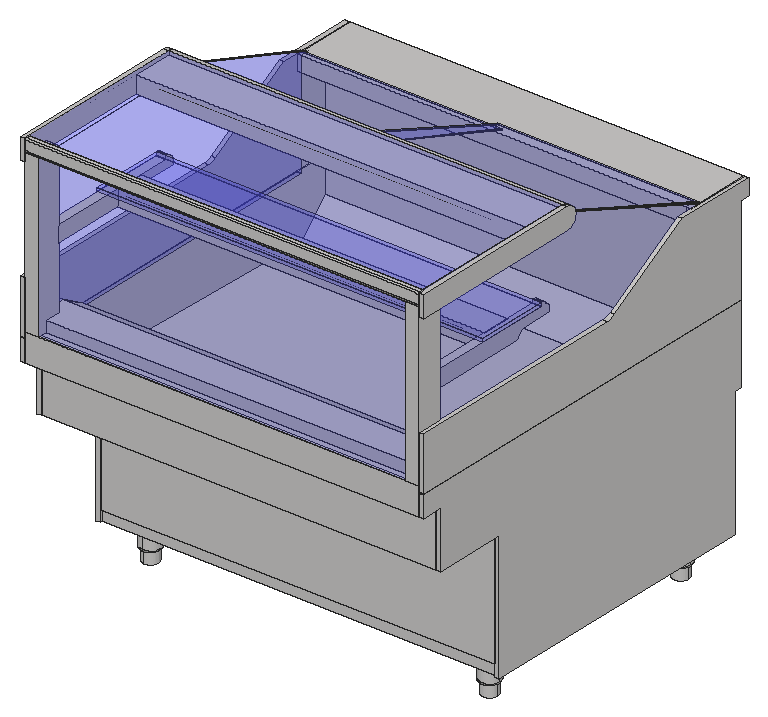
Revit family "Food-Service-Equipment_Oscartek_Dc1110-46H_cat", category Specialty Equipment, Revit 2026
Family settings
  Round Connector Dimension = Use Diameter
  Part Type = Normal
  Classification Number = 23.40.40.11.17
  Work Plane-Based = No
  Enable Cutting in Views = No
  Always vertical = Yes
  Cut with Voids When Loaded = No
  Maintain Annotation Orientation = No
  Shared = No
  Room Calculation Point = No
Parameters
  Width = 44"  # constant formula
  Weight in Pounds = 650
  Watts = 1085 W
  Waste Water Discharge Temperature [instance] = -459.67 °F
  Volts = 230 V
  URL Cutsheet = "www.oscartek.com"
  URL = "www.oscartek.com"
  Type Mark [instance] = ""
  Type Comments = "As Specified"
  Test Data = "http://www.oscartek.com/company/clients.php"
  Status [instance] = ""
  Specification by User [instance] = ""
  Specification by Manufacturer = ""
  Specification = "https://www.arcat.com/arcatcos/cos48/arc48760.html"
  Show Clearance [instance] = yes
  Serial Number = ""
  Seismic Rating = ""
  Sales Information = "http://www.oscartek.com/company/contact.php"
  SMACNA No = ""
  Revision Code [instance] = ""
  Revision = "R1_2018-10"
  Refrigerant Type [instance] = "R404A"
  Product Data = "http://www.oscartek.com/support/manuals/"
  Plumbing Remarks [instance] = ""
  Plumbing Connection Type [instance] = ""
  Phase = 1
  Omniclass Number and Title = ""
  Number of Poles [instance] = 1
  NAFEM Spec ID Number = ""
  Model = "DC1110-46H"
  Min Ckt Ampacity = 0 A
  Max Overcurrent Protection = 0 A
  Masterspec = ""
  Manufacturer Website = "http://www.oscartek.com/index.php"
  Manufacturer Phone - Toll Free = "855-885-2400"
  Manufacturer Phone = "650-342-2400"
  Manufacturer Fax = "650-342-7400"
  Manufacturer Address = "361 Beach Rd., Burlingame, CA 94010"
  Manufacturer = "OSCARTEK"
  Light Length = Width - 4"  # 40"
  Item Number [instance] = ""
  Installed By [instance] = ""
  Installation-Fabrication = "http://www.oscartek.com/support/manuals/"
  Indirect Waste Size = 1"  # constant formula
  Indirect Waste Flow [instance] = 0 GPM
  Indirect Waste Connection Type [instance] = ""
  Indirect Waste Connection Height = 0"
  Identify Quantity as Lot [instance] = yes
  HP = ""
  Green Building-LEED = "https://www.arcat.com/green/green_building.shtml"
  Furnished By [instance] = ""
  Foodservice Equipment Identifier [instance] = yes
  FL Amps = 8.2 A
  Electrical Remarks [instance] = ""
  Electric Connection Type [instance] = ""
  Elec Conn RI Height [instance] = 0"
  Elec Conn Connection Height [instance] = 0"
  Drawn By = "Sumex Design, Inc. / Robert S. Weygant, CSI, CDT, SCIP"
  Description = "DIAMOND CHOCOLATE SHOWCASES"
  Default Elevation = 0"
  Cycle = 50 Hz
  Copyright = "©Arcat Inc."
  Construction Details = "http://www.oscartek.com/support/manuals/"
  Conn Plug = ""
  Conn Conduit = yes
  Category = ""
  CSI MasterFormat = "11 41 13"
  CSI Master Format = "Refrigerated Food Storage Cases"
  Building Codes = "https://www.arcat.com/arcatcos/cos48/arc48760.html"
  Body Finish [instance] = QF_Finishes_Stainless Steel
  Apparent Power = if(Phase = 3, Volts * FL Amps * 1.73, Volts * FL Amps)  # 1886 VA
Reference planes (in)
  plane 1 "BACK": y = 0
  plane 2: z = 0
  plane 3 "LEFT": x = 0
  plane 4 "RIGHT": x = 44
  plane 5 "FRONT": y = -44.25
  plane 6 "TOP": z = 46
  plane 7 "Center Y": x = 22
  plane 8 "Center X": y = -22.125
  plane 9 "base": z = 17.92856
  plane 10: x = 1
  plane 11: x = 43
Forms (in)
  Extrusion 1, solid, material "QF_Finishes_Stainless Steel" <- "Body Finish"
    sketch origin (0, -44.25, 0) x (0, -1, 0) y (0, 0, -1)
      loop
        line (-2.31297, -17.92856) -> (-10.28174, -17.92856) -> (-10.28174, -5.22229) -> (-10.53174, -5.22229) -> (-10.53174, -3.97229) -> (-16.20099, -3.97229) -> (-16.20099, -5.22229) -> (-36.65227, -5.22229) -> (-36.65227, -3.97229) -> (-42.24423, -3.97229) -> (-42.24423, -5.22229) -> (-42.36829, -5.22229) -> (-42.36829, -17.92856) -> (-43.23446, -17.92856) -> (-43.23446, -36.17971) -> (-44.25, -36.17971) -> (-44.25, -37.95445) -> (-37.12476, -37.95445) -> (-37.12476, -36.28911) -> (-40.26039, -36.28911) -> (-40.8759, -35.6736) -> (-40.8759, -22.59092) -> (-37.69392, -19.40894) -> (-7.45443, -20.20633) -> (-7.45443, -26.70633) -> (-4.63984, -28.33133) -> (-0.97833, -28.33133) -> (-0.97833, -27.10344) -> (0, -27.10344) -> (0, -24.10344) -> (-2.31297, -24.10344) -> (-2.31297, -17.92856)
      loop
        line (-0.5528, -44.60986) -> (-0.5528, -46) -> (-0.12856, -46)
        arc (-0.12856, -46) -> (-0.03766, -45.96234) -> (0, -45.87143) r 0.12856
        line (0, -45.87143) -> (0, -44.78387)
        arc (0, -44.78387) -> (-0.05096, -44.66083) -> (-0.174, -44.60986) r 0.174
        line (-0.174, -44.60986) -> (-0.5528, -44.60986)
      loop
        line (-19.5564, -46) -> (-19.5564, -45.59411) -> (-15.11183, -45.59411) -> (-15.11183, -43.67954) -> (-15.61183, -43.67954) -> (-15.61183, -44.92954) -> (-18.0564, -44.92954) -> (-18.0564, -43.67954) -> (-19.5564, -43.67954)
        arc (-19.5564, -43.67954) -> (-20.71663, -44.83977) -> (-19.5564, -46) r 1.16023
    from 0.5 to 43.5
  Extrusion 2, solid, material "QF_Finishes_Stainless Steel" <- "Body Finish"
    sketch origin (0, -44.25, 0) x (0, -1, 0) y (0, 0, -1)
      loop
        line (-2.31297, -17.92856) -> (-10.28174, -17.92856) -> (-10.28174, -3.97229) -> (-42.36829, -3.97229) -> (-42.36829, -17.92856) -> (-43.23446, -17.92856) -> (-43.23446, -26.40315) -> (0, -26.40315) -> (0, -24.10344) -> (-2.31297, -24.10344) -> (-2.31297, -17.92856)
      loop
        line (-35.31011, -37.95445) -> (-26.08517, -32.62843)
        arc (-26.08517, -32.62843) -> (-25.6104, -32.43178) -> (-25.10092, -32.3647) r 1.9685
        line (-25.10092, -32.3647) -> (0, -32.3647) -> (0, -26.52815) -> (-43.22627, -26.52815) -> (-43.22627, -36.17971) -> (-44.25, -36.17971) -> (-44.25, -37.95445) -> (-35.31011, -37.95445)
    from 0 to 0.5
  Extrusion 3, solid, material "QF_Finishes_Stainless Steel" <- "Body Finish"
    sketch origin (0, -44.25, 0) x (0, -1, 0) y (0, 0, -1)
      loop
        line (0, -27.10344) -> (-2.74998, -27.10344) -> (-2.74998, -44.60986) -> (0, -44.60986) -> (0, -27.10344)
    from 0.5 to 2
  Extrusion 4, solid, material "QF_Finishes_Stainless Steel" <- "Body Finish"
    sketch origin (0, -44.25, 0) x (0, -1, 0) y (0, 0, -1)
      loop
        line (0, -46) -> (0, -43.67954) -> (-19.5564, -43.67954)
        arc (-19.5564, -43.67954) -> (-20.71663, -44.83977) -> (-19.5564, -46) r 1.16023
        line (-19.5564, -46) -> (0, -46)
    from 0 to 0.5
  Extrusion 5, solid, material "QF_Finishes_Stainless Steel" <- "Body Finish"
    sketch origin (44, 0, 0) x (0, 1, 0) y (0, 0, 1)
      loop
        line (-44.25, 46) -> (-44.25, 43.67954) -> (-24.6936, 43.67954)
        arc (-24.6936, 43.67954) -> (-23.53337, 44.83977) -> (-24.6936, 46) r 1.16023
        line (-24.6936, 46) -> (-44.25, 46)
    from 0 to -0.5
  Extrusion 6, solid, material "QF_Finishes_Stainless Steel" <- "Body Finish"
    sketch origin (44, -44.25, 0) x (0, -1, 0) y (0, 0, -1)
      loop
        line (0, -27.10344) -> (-2.74998, -27.10344) -> (-2.74998, -44.60986) -> (0, -44.60986) -> (0, -27.10344)
    from -0.5 to -2
  Extrusion 7, solid, material "Glass"
    sketch origin (0, -44.25, 0) x (1, 0, 0) y (0, 1, 0)
      loop
        line (2, 0) -> (42, 0) -> (42, 0.2764) -> (2, 0.2764) -> (2, 0)
    from 27.10344 to 44.60986
  Extrusion 8, solid, material "QF_Finishes_Stainless Steel" <- "Body Finish"
    sketch origin (44, 0, 0) x (0, 1, 0) y (0, 0, 1)
      loop
        line (-41.93703, 17.92856) -> (-33.96826, 17.92856) -> (-33.96826, 3.97229) -> (-1.88171, 3.97229) -> (-1.88171, 17.92856) -> (-1.01554, 17.92856) -> (-1.01554, 26.40315) -> (-44.25, 26.40315) -> (-44.25, 24.10344) -> (-41.93703, 24.10344) -> (-41.93703, 17.92856)
      loop
        line (-8.93989, 37.95445) -> (-18.16483, 32.62843)
        arc (-18.16483, 32.62843) -> (-18.6396, 32.43178) -> (-19.14908, 32.3647) r 1.9685
        line (-19.14908, 32.3647) -> (-44.25, 32.3647) -> (-44.25, 26.52815) -> (-1.02373, 26.52815) -> (-1.02373, 36.17971) -> (0, 36.17971) -> (0, 37.95445) -> (-8.93989, 37.95445)
    from 0 to -0.5
  Revolve 9, solid, material "QF_Finishes_Stainless Steel"
    sketch origin (3.5, -44.25, 0) x (0, -1, 0) y (0, 0, -1)
      loop
        line (-13.37229, 0) -> (-13.37229, -3.97229) -> (-12.18681, -3.97229) -> (-12.18681, -3.77531) -> (-12.27584, -3.77531) -> (-12.27584, -1.45503)
        arc (-12.27584, -1.45503) -> (-12.32001, -1.34838) -> (-12.42666, -1.30421) r 0.15082
        line (-12.42666, -1.30421) -> (-12.50615, -1.30421) -> (-12.50615, 0) -> (-13.37229, 0)
      axis (-13.37229, -3.97229) -> (-13.37229, 0)
    angle from 0 to 360
  Revolve 10, solid, material "QF_Finishes_Stainless Steel"
    sketch origin (3.5, -18.18706, 0) x (0, -1, 0) y (0, 0, -1)
      loop
        line (-13.37229, 0) -> (-13.37229, -3.97229) -> (-12.18681, -3.97229) -> (-12.18681, -3.77531) -> (-12.27584, -3.77531) -> (-12.27584, -1.45503)
        arc (-12.27584, -1.45503) -> (-12.32001, -1.34838) -> (-12.42666, -1.30421) r 0.15082
        line (-12.42666, -1.30421) -> (-12.50615, -1.30421) -> (-12.50615, 0) -> (-13.37229, 0)
      axis (-13.37229, -3.97229) -> (-13.37229, 0)
    angle from 0 to 360
  Revolve 11, solid, material "QF_Finishes_Stainless Steel"
    sketch origin (53.87229, -30.87771, 0) x (1, 0, 0) y (0, 0, 1)
      loop
        line (-13.37229, 0) -> (-12.50615, 0) -> (-12.50615, 1.30421) -> (-12.42666, 1.30421)
        arc (-12.42666, 1.30421) -> (-12.32001, 1.34838) -> (-12.27584, 1.45503) r 0.15082
        line (-12.27584, 1.45503) -> (-12.27584, 3.77531) -> (-12.18681, 3.77531) -> (-12.18681, 3.97229) -> (-13.37229, 3.97229) -> (-13.37229, 0)
      axis (-13.37229, 3.97229) -> (-13.37229, 0)
    angle from 0 to 360
  Revolve 12, solid, material "QF_Finishes_Stainless Steel"
    sketch origin (53.87229, -4.81477, 0) x (1, 0, 0) y (0, 0, 1)
      loop
        line (-13.37229, 0) -> (-12.50615, 0) -> (-12.50615, 1.30421) -> (-12.42666, 1.30421)
        arc (-12.42666, 1.30421) -> (-12.32001, 1.34838) -> (-12.27584, 1.45503) r 0.15082
        line (-12.27584, 1.45503) -> (-12.27584, 3.77531) -> (-12.18681, 3.77531) -> (-12.18681, 3.97229) -> (-13.37229, 3.97229) -> (-13.37229, 0)
      axis (-13.37229, 3.97229) -> (-13.37229, 0)
    angle from 0 to 360
  Extrusion 13, solid, material "Glass"
    sketch origin (0, -44.25, 0) x (0, -1, 0) y (0, 0, -1)
      loop
        line (-0.5528, -46) -> (-0.5528, -45.59411) -> (-19.5564, -45.59411) -> (-19.5564, -46) -> (-0.5528, -46)
    from 0.5 to 43.5
  Extrusion 14, solid, material "QF_Finishes_Black"
    sketch origin (0, -1.88171, 5.22229) x (0, 0, 1) y (1, 0, 0)
      loop
        line (11.08103, 37.21488) -> (1.08103, 37.21488) -> (1.08103, 35.71488) -> (11.08103, 35.71488) -> (11.08103, 37.21488)
      loop
        line (11.08103, 35.46488) -> (1.08103, 35.46488) -> (1.08103, 33.96488) -> (11.08103, 33.96488) -> (11.08103, 35.46488)
      loop
        line (11.08103, 33.71488) -> (1.08103, 33.71488) -> (1.08103, 32.21488) -> (11.08103, 32.21488) -> (11.08103, 33.71488)
      loop
        line (11.08103, 31.96488) -> (1.08103, 31.96488) -> (1.08103, 30.46488) -> (11.08103, 30.46488) -> (11.08103, 31.96488)
      loop
        line (11.08103, 30.21488) -> (1.08103, 30.21488) -> (1.08103, 28.71488) -> (11.08103, 28.71488) -> (11.08103, 30.21488)
      loop
        line (11.08103, 28.46488) -> (1.08103, 28.46488) -> (1.08103, 26.96488) -> (11.08103, 26.96488) -> (11.08103, 28.46488)
    from 0 to 0.03125
  Extrusion 15, solid, material "QF_Finishes_Door Clearance", visible <- "Show Clearance", detail levels coarse
    sketch origin (0, -44.25, 0) x (0, -1, 0) y (0, 0, -1)
      loop
        line (17.50642, -27.10344) -> (0, -27.10344) -> (0, -44.60986)
        arc (0, -44.60986) -> (12.37891, -39.48235) -> (17.50642, -27.10344) r 17.50642
    from 0.5 to 43.5
  Extrusion 16, solid, material "QF_Finishes_Stainless Steel"
    sketch origin (0, -44.25, 17.92856) x (-1, 0, 0) y (0, -1, 0)
      loop
        circle (-5.75, -36.79348) r 0.5
      loop
        circle (-38.25, -36.79348) r 0.5
    from 0 to -1
  Extrusion 17, solid, material "QF_Finishes_Stainless Steel" <- "Body Finish"
    sketch origin (0, -44.25, 0) x (0, -1, 0) y (0, 0, -1)
      loop
        line (-2.74998, -35.08466) -> (-13.82063, -35.08466)
        arc (-13.82063, -35.08466) -> (-13.97129, -35.11463) -> (-14.09902, -35.19998) r 0.3937
        line (-14.09902, -35.19998) -> (-14.65579, -35.75675)
        arc (-14.65579, -35.75675) -> (-14.78352, -35.8421) -> (-14.93418, -35.87206) r 0.3937
        line (-14.93418, -35.87206) -> (-18.35113, -35.87206)
        arc (-18.35113, -35.87206) -> (-18.18116, -36.72072) -> (-17.49636, -37.25001) r 1.23649
        line (-17.49636, -37.25001) -> (-17.3307, -37.25001) -> (-17.3307, -36.85631) -> (-2.74998, -36.85631) -> (-2.74998, -35.08466)
    from 1 to 2
  Extrusion 18, solid, material "QF_Finishes_Stainless Steel" <- "Body Finish"
    sketch origin (43, -180, 44.05288) x (0, 0, -1) y (0, 1, 0)
      loop
        line (8.96822, 138.49998) -> (8.96822, 149.57063)
        arc (8.96822, 149.57063) -> (8.93825, 149.72129) -> (8.85291, 149.84902) r 0.3937
        line (8.85291, 149.84902) -> (8.29613, 150.40579)
        arc (8.29613, 150.40579) -> (8.21079, 150.53352) -> (8.18082, 150.68418) r 0.3937
        line (8.18082, 150.68418) -> (8.18082, 154.10113)
        arc (8.18082, 154.10113) -> (7.33217, 153.93116) -> (6.80287, 153.24636) r 1.23649
        line (6.80287, 153.24636) -> (6.80287, 153.0807) -> (7.19657, 153.0807) -> (7.19657, 138.49998) -> (8.96822, 138.49998)
    from 0 to -1
  Extrusion 19, solid, material "Glass"
    sketch origin (0, -44.25, 0) x (0, -1, 0) y (0, 0, -1)
      loop
        line (-9.24016, -37.25001) -> (-9.24016, -36.85631) -> (-17.31101, -36.85631) -> (-17.31101, -37.25001) -> (-9.24016, -37.25001)
    from 1 to 43
  Extrusion 20, solid, material "QF_Finishes_Stainless Steel" <- "Body Finish"
    sketch origin (0, -44.25, 0) x (0, -1, 0) y (0, 0, -1)
      loop
        line (-13.91788, -36.85631) -> (-10.80814, -36.85631) -> (-10.80814, -35.08466) -> (-10.93314, -35.08466) -> (-10.93314, -36.73131) -> (-13.79288, -36.73131) -> (-13.79288, -35.08466) -> (-13.91788, -35.08466) -> (-13.91788, -36.85631)
    from 2 to 42
  Extrusion 21, solid, material "QF_Finishes_Stainless Steel"
    sketch origin (-3.58988, -1.88171, 5.22229) x (0, 0, 1) y (-1, 0, 0)
      loop
        line (12.70627, -20.3562) -> (11.20627, -20.3562) -> (11.20627, -26.3562) -> (12.70627, -26.3562) -> (12.70627, -20.3562)
    from 0 to -1
  Extrusion 22, solid, material "Glass"
    sketch origin (44, -44.25, 0) x (0, -1, 0) y (0, 0, 1)
      loop
        line (-20.70992, 44.96435) -> (-38.26035, 38.10722) -> (-38.20304, 37.96053) -> (-20.71601, 44.80186)
        arc (-20.71601, 44.80186) -> (-20.71582, 44.88321) -> (-20.70992, 44.96435) r 1.16023
    from 0.5 to 22.5
  Extrusion 23, solid, material "Glass"
    sketch origin (0, -44.25, 0) x (0, -1, 0) y (0, 0, 1)
      loop
        line (-2.74998, 43.67954) -> (-19.5564, 43.67954)
        arc (-19.5564, 43.67954) -> (-20.14761, 43.84147) -> (-20.5738, 44.28206) r 1.16023
        line (-20.5738, 44.28206) -> (-38.07788, 37.95445) -> (-37.12476, 37.95445) -> (-37.12476, 26.42856) -> (-7.45443, 26.42856) -> (-7.45443, 26.70633) -> (-4.63984, 28.33133) -> (-2.74998, 28.33133) -> (-2.74998, 43.67954)
    from -0.5 to -1
  Extrusion 24, solid, material "Glass"
    sketch origin (0, -44.25, 0) x (0, -1, 0) y (0, 0, 1)
      loop
        line (-20.5738, 44.28206) -> (-37.65129, 38.10866) -> (-37.59776, 37.96056) -> (-20.48648, 44.14617)
        arc (-20.48648, 44.14617) -> (-20.53251, 44.2126) -> (-20.5738, 44.28206) r 1.16023
    from -0.5 to -22.5
  Extrusion 25, solid, material "Glass"
    sketch origin (43, -180, 44.05288) x (0, 0, -1) y (0, 1, 0)
      loop
        line (0.37334, 138.49998) -> (15.72156, 138.49998) -> (15.72156, 140.38984) -> (17.34656, 143.20443) -> (17.62432, 143.20443) -> (17.62432, 172.87476) -> (6.09843, 172.87476) -> (6.09843, 173.96858) -> (-0.74897, 156.46601)
        arc (-0.74897, 156.46601) -> (0.04682, 156.11329) -> (0.37334, 155.3064) r 1.16023
        line (0.37334, 155.3064) -> (0.37334, 138.49998)
    from 0.5 to 0
Lines and regions (in)
  Split face 1
    outline origin (-3.58988, -0.88171, 5.22229) x (0, 0, 1) y (-1, 0, 0)
      loop
        line (12.34422, -21.51577) -> (11.59422, -21.51577) -> (11.59422, -25.51577) -> (12.34422, -25.51577) -> (12.34422, -21.51577)
  symbolic lines
    curve 1: line (0, -44.25, 0) -> (44, -44.25, 0)
    curve 2: line (0, 0, 0) -> (0, -44.25, 0)
    curve 3: line (44, -44.25, 0) -> (44, 0, 0)
    curve 4: line (43.5, 0, 0) -> (43.5, -44.25, 0)
    curve 5: line (0.5, -44.25, 0) -> (0.5, 0, 0)
    curve 6: line (0.5, -6.59871, 0) -> (21.5, -6.59871, 0)
    curve 7: line (21.5, -5.98965, 0) -> (21.5, -23.53337, 0)
    curve 8: line (21.5, -5.98965, 0) -> (43.5, -5.98965, 0)
    curve 9: line (0, -23.53337, 0) -> (44, -23.53337, 0)
    curve 10: line (0.5, -24.7561, 0) -> (43.5, -24.7561, 0)
    curve 11: line (0.5, -43.6537, 0) -> (43.5, -43.6537, 0)
    curve 12: line (0, 0, 0) -> (44, 0, 0)
  symbolic lines, style "QF-Door Swings"
    curve 13: line (43.5, -61.87838, 0) -> (0.5, -61.87838, 0)
    curve 14: line (0.5, -61.87838, 0) -> (0.5, -44.25, 0)
    curve 15: line (43.5, -44.25, 0) -> (43.5, -61.87838, 0)
  symbolic lines, style "QF-Surface Details"
    curve 16: line (8.98362, -16.5042, 0) -> (12.1656, -13.32221, 0)
    curve 17: line (8.65315, -17.94487, 0) -> (13.6029, -12.99513, 0)
    curve 18: line (10.24583, -17.76641, 0) -> (13.60459, -14.40765, 0)
    curve 19: line (30.73362, -16.5042, 0) -> (33.9156, -13.32221, 0)
    curve 20: line (30.40315, -17.94487, 0) -> (35.3529, -12.99513, 0)
    curve 21: line (31.99583, -17.76641, 0) -> (35.35459, -14.40765, 0)
    curve 22: line (8.98362, -34.5042, 0) -> (12.1656, -31.32221, 0)
    curve 23: line (8.65315, -35.94487, 0) -> (13.6029, -30.99513, 0)
    curve 24: line (10.24583, -35.76641, 0) -> (13.60459, -32.40765, 0)
    curve 25: line (30.73362, -34.5042, 0) -> (33.9156, -31.32221, 0)
    curve 26: line (30.40315, -35.94487, 0) -> (35.3529, -30.99513, 0)
    curve 27: line (31.99583, -35.76641, 0) -> (35.35459, -32.40765, 0)
    curve 28: line (20.6853, -34.5042, 0) -> (23.86728, -31.32221, 0)
    curve 29: line (20.35483, -35.94487, 0) -> (25.30458, -30.99513, 0)
    curve 30: line (21.94751, -35.76641, 0) -> (25.30627, -32.40765, 0)
Dimensions and locks (in)
  equal spacing: plane 3 "LEFT", plane 7 "Center Y", plane 4 "RIGHT"
  "Width": plane 3 "LEFT" to plane 4 "RIGHT"
  equal spacing: plane 5 "FRONT", plane 8 "Center X", plane 1 "BACK"
  plane 5 "FRONT" to plane 1 "BACK" = 44 1/4"
  Extrusion 21 sketch curve to Extrusion 21 sketch curve to plane 4 "RIGHT" = 6" locked, 21.23369" locked
  locked: plane 3 "LEFT" to plane 10 at 1
  locked: plane 4 "RIGHT" to plane 11 at 1
  plane 4 "RIGHT" to Extrusion 6 to Extrusion 6 = 1/2" locked, 1 1/2" locked
  Extrusion 3 to Extrusion 3 to plane 3 "LEFT" = 1 1/2" locked, 1/2" locked
  Extrusion 22 to plane 7 "Center Y" to Extrusion 24 = 1/2" locked, 1/2" locked
  plane 6 "TOP" to level = 46"
  aligned and locked: level to plane 2
  aligned and locked: Extrusion 15 to Extrusion 6
  aligned and locked: Extrusion 6 to Extrusion 22
  aligned and locked: Extrusion 1 to Extrusion 6
  aligned and locked: plane 11 to Extrusion 19
  aligned and locked: Extrusion 6 to Extrusion 13
  aligned and locked: nested 1 to plane 7 "Center Y"
  aligned and locked: nested 2 to plane 7 "Center Y"
  aligned and locked: Extrusion 20 to Extrusion 6
Automatic sketch dimensions
  Extrusion 1 sketch curve to plane 9 "base" = 0"  (x2)
  plane 1 "BACK" to Extrusion 1 sketch curve = 0"
  Extrusion 1 sketch curve to Extrusion 1 sketch curve = 1.01554"
  Extrusion 1 sketch curve to Extrusion 1 sketch curve = 0.86617"
  Extrusion 1 sketch curve to Extrusion 1 sketch curve = 0.12406"
  plane 1 "BACK" to Extrusion 1 sketch curve = 3.3741"
  Extrusion 1 sketch curve to Extrusion 1 sketch curve = 0.6155"  (x2)
  plane 9 "base" to Extrusion 1 sketch curve = 1.48038"
  Extrusion 1 sketch curve to Extrusion 1 sketch curve = 3.18198"  (x2)
  Extrusion 1 sketch curve to Extrusion 1 sketch curve = 3.13563"
  Extrusion 1 sketch curve to Extrusion 1 sketch curve = 5.59196"
  Extrusion 1 sketch curve to plane 8 "Center X" = 2.5686"
  Extrusion 1 sketch curve to Extrusion 1 sketch curve = 1 1/2"
  Extrusion 1 sketch curve to plane 8 "Center X" = 5.92401"
  Extrusion 1 sketch curve to Extrusion 1 sketch curve = 2.44457"
  Extrusion 1 sketch curve to Extrusion 1 sketch curve = 1/2"
  Extrusion 1 sketch curve to Extrusion 1 sketch curve = 5.66925"
  Extrusion 1 sketch curve to plane 5 "FRONT" = 10.28174"
  plane 9 "base" to Extrusion 1 sketch curve = 2.27777"
  Extrusion 1 sketch curve to Extrusion 1 sketch curve = 2.82731"
  Extrusion 1 sketch curve to Extrusion 1 sketch curve = 2.81458"
  Extrusion 1 sketch curve to plane 5 "FRONT" = 2.31297"
  Extrusion 1 sketch curve to plane 5 "FRONT" = 0.97833"
  Extrusion 1 sketch curve to plane 5 "FRONT" = 0.5528"
  Extrusion 1 sketch curve to Extrusion 1 sketch curve = 0.3788"
  Extrusion 1 sketch curve to Extrusion 1 sketch curve = 0.42424"
  plane 5 "FRONT" to Extrusion 1 sketch curve = 0"
  Extrusion 1 sketch curve to Extrusion 1 sketch curve = 0.12856"
  Extrusion 1 sketch curve to Extrusion 1 sketch curve = 6.17488"
  Extrusion 1 sketch curve to Extrusion 1 sketch curve = 2.60288"
  Extrusion 1 sketch curve to Extrusion 1 sketch curve = 3"
  Extrusion 1 sketch curve to Extrusion 1 sketch curve = 1 5/8"
  Extrusion 1 sketch curve to Extrusion 1 sketch curve = 13.08268"
  Extrusion 1 sketch curve to Extrusion 1 sketch curve = 0.50611"
  Extrusion 1 sketch curve to Extrusion 1 sketch curve = 1.77474"
  Extrusion 1 sketch curve to Extrusion 1 sketch curve = 5.72508"
  Extrusion 1 sketch curve to Extrusion 1 sketch curve = 0"
  Extrusion 1 sketch curve to Extrusion 1 sketch curve = 0.93033"
  Extrusion 1 sketch curve to Extrusion 1 sketch curve = 1.16023"
  Extrusion 1 sketch curve to Extrusion 1 sketch curve = 1 1/4"  (x3)
  Extrusion 1 sketch curve to Extrusion 1 sketch curve = 0.66458"
  Extrusion 1 sketch curve to Extrusion 1 sketch curve = 1.08757"
  level to Extrusion 1 sketch curve = 5.22229"  (x3)
  Extrusion 2 sketch curve to plane 9 "base" = 0"  (x2)
  plane 1 "BACK" to Extrusion 2 sketch curve = 0"
  plane 1 "BACK" to Extrusion 2 sketch curve = 1.01554"
  Extrusion 2 sketch curve to Extrusion 2 sketch curve = 0.00819"
  plane 1 "BACK" to Extrusion 2 sketch curve = 1.88171"
  Extrusion 2 sketch curve to Extrusion 2 sketch curve = 7.91616"
  plane 8 "Center X" to Extrusion 2 sketch curve = 3.96017"
  Extrusion 2 sketch curve to Extrusion 2 sketch curve = 0.98425"
  level to Extrusion 2 sketch curve = 3.97229"
  Extrusion 2 sketch curve to plane 5 "FRONT" = 10.28174"
  Extrusion 2 sketch curve to plane 5 "FRONT" = 2.31297"
  plane 5 "FRONT" to Extrusion 2 sketch curve = 0"
  Extrusion 2 sketch curve to Extrusion 2 sketch curve = 0"
  Extrusion 2 sketch curve to Extrusion 2 sketch curve = 6.17488"
  Extrusion 2 sketch curve to Extrusion 2 sketch curve = 2.29971"
  Extrusion 2 sketch curve to Extrusion 2 sketch curve = 1/8"
  Extrusion 2 sketch curve to Extrusion 2 sketch curve = 5.83655"
  Extrusion 2 sketch curve to Extrusion 2 sketch curve = 0.26373"
  Extrusion 2 sketch curve to Extrusion 2 sketch curve = 9.65156"
  Extrusion 2 sketch curve to Extrusion 2 sketch curve = 1.77474"
  Extrusion 3 sketch curve to plane 5 "FRONT" = 2.74998"
  plane 5 "FRONT" to Extrusion 3 sketch curve = 0"
  plane 9 "base" to Extrusion 3 sketch curve = 26.6813"
  plane 9 "base" to Extrusion 3 sketch curve = 9.17488"
  Extrusion 4 sketch curve to plane 8 "Center X" = 2.5686"
  plane 5 "FRONT" to Extrusion 4 sketch curve = 0"
  plane 9 "base" to Extrusion 4 sketch curve = 28.07144"
  Extrusion 4 sketch curve to Extrusion 4 sketch curve = 1.16023"
  Extrusion 6 sketch curve to plane 5 "FRONT" = 2.74998"
  plane 5 "FRONT" to Extrusion 6 sketch curve = 0"
  plane 9 "base" to Extrusion 6 sketch curve = 26.6813"
  plane 9 "base" to Extrusion 6 sketch curve = 9.17488"
  plane 5 "FRONT" to Extrusion 7 sketch curve = 0.2764"
  Extrusion 7 sketch curve to plane 3 "LEFT" = 2"
  Extrusion 7 sketch curve to plane 5 "FRONT" = 0"
  plane 4 "RIGHT" to Extrusion 7 sketch curve = 2"
  Revolve 9 sketch curve to level = 0"
  Revolve 9 sketch curve to plane 8 "Center X" = 8.75271"
  Revolve 9 sketch curve to Revolve 9 sketch curve = 0"
  Revolve 9 sketch curve to Revolve 9 sketch curve = 0.86614"
  Revolve 9 sketch curve to Revolve 9 sketch curve = 0.07949"
  Revolve 9 sketch curve to Revolve 9 sketch curve = 1.09644"
  Revolve 9 sketch curve to Revolve 9 sketch curve = 0.08904"
  level to Revolve 9 sketch curve = 1.30421"
  Revolve 9 sketch curve to Revolve 9 sketch curve = 1.40035"
  Revolve 9 sketch curve to Revolve 9 sketch curve = 0.91993"
  Revolve 9 sketch curve to Revolve 9 sketch curve = 0.19698"
  Revolve 9 sketch curve to Revolve 9 sketch curve = 0.14462"
  Revolve 10 sketch curve to level = 0"
  plane 1 "BACK" to Revolve 10 sketch curve = 4.81477"
  Revolve 10 sketch curve to Revolve 10 sketch curve = 0"
  Revolve 10 sketch curve to Revolve 10 sketch curve = 0.86614"
  Revolve 10 sketch curve to Revolve 10 sketch curve = 0.07949"
  Revolve 10 sketch curve to Revolve 10 sketch curve = 1.09644"
  Revolve 10 sketch curve to Revolve 10 sketch curve = 0.08904"
  level to Revolve 10 sketch curve = 1.30421"
  Revolve 10 sketch curve to Revolve 10 sketch curve = 1.40035"
  Revolve 10 sketch curve to Revolve 10 sketch curve = 0.91993"
  Revolve 10 sketch curve to Revolve 10 sketch curve = 0.19698"
  Revolve 10 sketch curve to Revolve 10 sketch curve = 0.14462"
  Revolve 11 sketch curve to level = 0"
  Revolve 11 sketch curve to Revolve 11 sketch curve = 0"
  Revolve 11 sketch curve to Revolve 11 sketch curve = 0.86614"
  Revolve 11 sketch curve to Revolve 11 sketch curve = 0.07949"
  Revolve 11 sketch curve to Revolve 11 sketch curve = 1.09644"
  Revolve 11 sketch curve to Revolve 11 sketch curve = 0.08904"
  Revolve 11 sketch curve to Revolve 11 sketch curve = 0.14462"
  level to Revolve 11 sketch curve = 1.30421"
  Revolve 11 sketch curve to Revolve 11 sketch curve = 1.40035"
  Revolve 11 sketch curve to Revolve 11 sketch curve = 0.91993"
  Revolve 11 sketch curve to Revolve 11 sketch curve = 0.19698"
  Revolve 12 sketch curve to level = 0"
  Revolve 12 sketch curve to Revolve 12 sketch curve = 0"
  Revolve 12 sketch curve to Revolve 12 sketch curve = 0.86614"
  Revolve 12 sketch curve to Revolve 12 sketch curve = 0.07949"
  Revolve 12 sketch curve to Revolve 12 sketch curve = 1.09644"
  Revolve 12 sketch curve to Revolve 12 sketch curve = 0.08904"
  Revolve 12 sketch curve to Revolve 12 sketch curve = 0.14462"
  level to Revolve 12 sketch curve = 1.30421"
  Revolve 12 sketch curve to Revolve 12 sketch curve = 1.40035"
  Revolve 12 sketch curve to Revolve 12 sketch curve = 0.91993"
  Revolve 12 sketch curve to Revolve 12 sketch curve = 0.19698"
  Extrusion 13 sketch curve to plane 8 "Center X" = 2.5686"
  Extrusion 13 sketch curve to plane 5 "FRONT" = 0.5528"
  plane 9 "base" to Extrusion 13 sketch curve = 28.07144"
  Extrusion 13 sketch curve to Extrusion 13 sketch curve = 0.40588"
  Extrusion 14 sketch curve to Extrusion 1 = 1.08103"  (x2)
  Extrusion 14 sketch curve to Extrusion 14 sketch curve = 0"  (x8)
  Extrusion 1 to Extrusion 14 sketch curve = 1.62523"  (x2)
  Extrusion 1 to Extrusion 14 sketch curve = 16.53512"
  Extrusion 14 sketch curve to Extrusion 14 sketch curve = 1 1/2"  (x6)
  Extrusion 14 sketch curve to Extrusion 14 sketch curve = 1/4"  (x5)
  Extrusion 16 sketch curve to plane 4 "RIGHT" = 5 3/4"
  plane 3 "LEFT" to Extrusion 16 sketch curve = 5 3/4"
  plane 1 "BACK" to Extrusion 16 sketch curve = 7.45652"  (x2)
  Extrusion 17 sketch curve to plane 8 "Center X" = 3.77387"
  Extrusion 17 sketch curve to Extrusion 17 sketch curve = 0.85477"
  Extrusion 17 sketch curve to Extrusion 17 sketch curve = 0.16566"
  Extrusion 17 sketch curve to Extrusion 17 sketch curve = 0.20029"
  Extrusion 17 sketch curve to Extrusion 17 sketch curve = 2.19623"
  Extrusion 17 sketch curve to Extrusion 17 sketch curve = 0.27839"  (x4)
  Extrusion 17 sketch curve to Extrusion 17 sketch curve = 0.55678"
  Extrusion 17 sketch curve to plane 5 "FRONT" = 2.74998"
  plane 9 "base" to Extrusion 17 sketch curve = 19.32145"
  Extrusion 17 sketch curve to Extrusion 17 sketch curve = 0.3937"
  Extrusion 17 sketch curve to Extrusion 17 sketch curve = 0.7874"
  Extrusion 17 sketch curve to Extrusion 17 sketch curve = 0.11531"
  Extrusion 19 sketch curve to plane 8 "Center X" = 4.81399"
  Extrusion 19 sketch curve to Extrusion 19 sketch curve = 8.07085"
  plane 9 "base" to Extrusion 19 sketch curve = 19.32145"
  Extrusion 19 sketch curve to Extrusion 19 sketch curve = 0.3937"
  Extrusion 20 sketch curve to plane 8 "Center X" = 8.20712"
  Extrusion 20 sketch curve to Extrusion 20 sketch curve = 1/8"  (x3)
  Extrusion 20 sketch curve to Extrusion 20 sketch curve = 2.85974"
  plane 9 "base" to Extrusion 20 sketch curve = 18.92775"
  Extrusion 20 sketch curve to Extrusion 20 sketch curve = 1.64665"  (x2)
  Extrusion 21 sketch curve to plane 9 "base" = 0"
  Extrusion 21 sketch curve to Extrusion 21 sketch curve = 1 1/2"
  Split face 1 sketch curve to Extrusion 21 = 0.38795"
  Split face 1 sketch curve to Extrusion 21 = 0.36205"
  Split face 1 sketch curve to Extrusion 21 = 0.84043"
  Split face 1 sketch curve to Extrusion 21 = 1.15957"
  plane 1 "BACK" to Extrusion 22 sketch curve = 5.98965"
  Extrusion 22 sketch curve to Extrusion 22 sketch curve = 0.05731"
  Extrusion 22 sketch curve to plane 8 "Center X" = 1.41508"
  Extrusion 22 sketch curve to Extrusion 22 sketch curve = 0.00609"
  Extrusion 22 sketch curve to Extrusion 22 sketch curve = 1.15961"
  plane 9 "base" to Extrusion 22 sketch curve = 20.03197"
  Extrusion 22 sketch curve to Extrusion 22 sketch curve = 0.14668"
  plane 1 "BACK" to Extrusion 23 sketch curve = 6.17212"
  Extrusion 23 sketch curve to Extrusion 23 sketch curve = 61/64"
  Extrusion 23 sketch curve to plane 8 "Center X" = 1.5512"
  Extrusion 23 sketch curve to Extrusion 23 sketch curve = 1.0174"
  Extrusion 23 sketch curve to plane 5 "FRONT" = 7.45443"
  Extrusion 23 sketch curve to Extrusion 23 sketch curve = 2.81458"
  Extrusion 23 sketch curve to plane 5 "FRONT" = 2.74998"
  plane 9 "base" to Extrusion 23 sketch curve = 8 1/2"
  Extrusion 23 sketch curve to Extrusion 23 sketch curve = 0.27777"
  Extrusion 23 sketch curve to Extrusion 23 sketch curve = 1 5/8"
  Extrusion 23 sketch curve to Extrusion 23 sketch curve = 11.52589"
  Extrusion 23 sketch curve to Extrusion 23 sketch curve = 15.34821"
  Extrusion 23 sketch curve to Extrusion 23 sketch curve = 0.60253"
  plane 1 "BACK" to Extrusion 24 sketch curve = 6.59871"
  Extrusion 24 sketch curve to Extrusion 24 sketch curve = 0.05354"
  Extrusion 24 sketch curve to plane 8 "Center X" = 1.5512"
  Extrusion 24 sketch curve to Extrusion 24 sketch curve = 0.08731"
  Extrusion 24 sketch curve to Extrusion 24 sketch curve = 1.0174"
  plane 9 "base" to Extrusion 24 sketch curve = 20.032"
  Extrusion 24 sketch curve to Extrusion 24 sketch curve = 0.1481"
  curve 1 to plane 3 "LEFT" = 0"
  plane 5 "FRONT" to curve 5 = 0"
  plane 1 "BACK" to curve 5 = 0"
  curve 3 to plane 4 "RIGHT" = 0"
  plane 3 "LEFT" to curve 14 = 1/2"
  plane 3 "LEFT" to curve 11 = 1/2"
  curve 4 to plane 4 "RIGHT" = 1/2"
  curve 15 to curve 4 = 0"
  plane 5 "FRONT" to curve 13 = 17.62838"
  curve 11 to plane 5 "FRONT" = 0.5963"
  curve 10 to plane 8 "Center X" = 2.6311"
  curve 10 to curve 9 = 1.22273"
  plane 1 "BACK" to curve 8 = 5.98965"
  curve 6 to curve 8 = 0.60905"
  curve 7 to plane 7 "Center Y" = 1/2"
  Extrusion 8 sketch curve to plane 5 "FRONT" = 0"  (x2)
  Extrusion 8 sketch curve to plane 9 "base" = 0"  (x2)
  Extrusion 8 sketch curve to plane 1 "BACK" = 0"
  Extrusion 8 sketch curve to plane 5 "FRONT" = 2.31297"
  level to Extrusion 8 sketch curve = 3.97229"
  Extrusion 8 sketch curve to plane 5 "FRONT" = 10.28174"
  plane 8 "Center X" to Extrusion 8 sketch curve = 2.97592"
  Extrusion 8 sketch curve to Extrusion 8 sketch curve = 0.98425"
  Extrusion 8 sketch curve to Extrusion 8 sketch curve = 8.93989"
  plane 1 "BACK" to Extrusion 8 sketch curve = 1.88171"
  plane 1 "BACK" to Extrusion 8 sketch curve = 1.02373"
  Extrusion 8 sketch curve to Extrusion 8 sketch curve = 0.86617"
  plane 9 "base" to Extrusion 8 sketch curve = 6.17488"
  Extrusion 8 sketch curve to Extrusion 8 sketch curve = 2.29971"
  Extrusion 8 sketch curve to Extrusion 8 sketch curve = 1/8"
  plane 9 "base" to Extrusion 8 sketch curve = 14.43614"
  Extrusion 8 sketch curve to Extrusion 8 sketch curve = 0.26373"
  Extrusion 8 sketch curve to Extrusion 8 sketch curve = 9.65156"
  Extrusion 8 sketch curve to Extrusion 8 sketch curve = 1.77474"
  plane 8 "Center X" to Extrusion 25 sketch curve = 2.5686"
  Extrusion 25 sketch curve to plane 9 "base" = 26.91121"
  Extrusion 25 sketch curve to Extrusion 25 sketch curve = 0.03791"
  Extrusion 25 sketch curve to Extrusion 25 sketch curve = 1.16023"
  Extrusion 25 sketch curve to plane 1 "BACK" = 6.03142"
  Extrusion 25 sketch curve to Extrusion 25 sketch curve = 6.8474"
  plane 5 "FRONT" to Extrusion 25 sketch curve = 2.74998"
  Extrusion 25 sketch curve to plane 9 "base" = 10.40277"
  Extrusion 25 sketch curve to Extrusion 25 sketch curve = 1 5/8"
  Extrusion 25 sketch curve to plane 9 "base" = 8 1/2"
  Extrusion 25 sketch curve to Extrusion 25 sketch curve = 1.09382"
  Extrusion 25 sketch curve to Extrusion 25 sketch curve = 4.70445"
  Extrusion 25 sketch curve to Extrusion 25 sketch curve = 1.88987"
  plane 8 "Center X" to Extrusion 18 sketch curve = 4.62864"
  Extrusion 18 sketch curve to plane 9 "base" = 19.32145"
  Extrusion 18 sketch curve to Extrusion 18 sketch curve = 0.3937"  (x2)
  Extrusion 18 sketch curve to Extrusion 18 sketch curve = 0.7874"
  Extrusion 18 sketch curve to Extrusion 18 sketch curve = 0.19685"
  plane 8 "Center X" to Extrusion 18 sketch curve = 7.46921"
  Extrusion 18 sketch curve to Extrusion 18 sketch curve = 0.11531"  (x2)
  Extrusion 18 sketch curve to Extrusion 18 sketch curve = 0.27839"  (x2)
  Extrusion 18 sketch curve to Extrusion 18 sketch curve = 0.85477"
  Extrusion 18 sketch curve to Extrusion 18 sketch curve = 0.16566"
  Extrusion 18 sketch curve to Extrusion 18 sketch curve = 0.55678"
  plane 5 "FRONT" to Extrusion 18 sketch curve = 2.74998"
  Revolve 12 sketch curve to plane 11 = 2 1/2"
  Revolve 11 sketch curve to plane 11 = 2 1/2"
  Extrusion 15 sketch curve to plane 5 "FRONT" = 0"
  plane 9 "base" to Extrusion 15 sketch curve = 26.6813"
  Extrusion 15 sketch curve to Extrusion 15 sketch curve = 17.50642"
  Extrusion 5 sketch curve to plane 5 "FRONT" = 0"
  Extrusion 5 sketch curve to plane 8 "Center X" = 2.5686"
  plane 9 "base" to Extrusion 5 sketch curve = 25.75097"
  Extrusion 5 sketch curve to Extrusion 5 sketch curve = 1.16023"
  plane 8 "Center X" to curve 17 = 4.18013"
  curve 17 to plane 10 = 7.65315"
  curve 23 to plane 10 = 7.65315"
  curve 17 to curve 16 = 0.33047"
  curve 23 to curve 22 = 0.33047"
  plane 8 "Center X" to curve 18 = 4.35859"
  curve 17 to curve 18 = 1.59268"
  curve 23 to curve 24 = 1.59268"
  curve 22 to curve 22 = 3.18198"
  curve 16 to curve 16 = 3.18198"
  curve 16 to curve 17 = 1.4373"
  curve 22 to curve 23 = 1.4373"
  curve 23 to curve 24 = 0.00169"
  curve 17 to curve 18 = 0.00169"
  curve 29 to plane 7 "Center Y" = 1.64517"
  curve 28 to plane 7 "Center Y" = 1.3147"
  curve 30 to plane 7 "Center Y" = 0.05249"
  plane 7 "Center Y" to curve 28 = 1.86728"
  curve 28 to curve 29 = 1.4373"
  curve 29 to curve 30 = 0.00169"
  curve 30 to curve 26 = 5.09688"
  plane 7 "Center Y" to curve 20 = 8.40315"
  curve 20 to curve 19 = 0.33047"
  curve 26 to curve 25 = 0.33047"
  plane 8 "Center X" to curve 21 = 4.35859"
  curve 20 to curve 21 = 1.59268"
  curve 26 to curve 27 = 1.59268"
  curve 25 to curve 25 = 3.18198"
  curve 19 to curve 19 = 3.18198"
  curve 19 to curve 20 = 1.4373"
  curve 25 to curve 26 = 1.4373"
  curve 20 to curve 21 = 0.00169"
  curve 26 to curve 27 = 0.00169"
  curve 23 to plane 8 "Center X" = 13.81987"
  curve 29 to curve 7 = 12.41151"
  curve 29 to curve 26 = 0"
  curve 29 to curve 30 = 0.17847"
  curve 23 to curve 24 = 0.17847"
  curve 26 to curve 27 = 0.17847"
  curve 23 to curve 22 = 1.44068"
  curve 29 to curve 28 = 1.44068"
  curve 26 to curve 25 = 1.44068"
  curve 30 to curve 30 = 3.35876"
  curve 27 to curve 27 = 3.35876"
  curve 24 to curve 24 = 3.35876"
  curve 24 to curve 22 = 1.08544"
  curve 30 to curve 28 = 1.08544"
  curve 27 to curve 25 = 1.08544"
  curve 24 to curve 23 = 1.41252"
  curve 30 to curve 29 = 1.41252"
  curve 27 to curve 26 = 1.41252"
  curve 20 to curve 21 = 0.17847"
  curve 17 to curve 16 = 1.44068"
  curve 20 to curve 19 = 1.44068"
  curve 18 to curve 18 = 3.35876"
  curve 21 to curve 21 = 3.35876"
  curve 21 to curve 19 = 1.08544"
  curve 18 to curve 16 = 1.08544"
  curve 18 to curve 17 = 1.41252"
  curve 21 to curve 20 = 1.41252"
  radius of Extrusion 16 sketch curve = 1/2"  (x2)
Nested families (in)
  nested 1: "DC1110-46H_Lights" at (22, -27.41589, -9.25), type "DC1110-46H_Lights"
  nested 2: "DC1110-46H_Lights" at (22, -31.88699, -17.76324), type "DC1110-46H_Lights"
Connectors (in)
  piping at (38.25, -7.45652, 16.92856), diameter 1
    settings: on Extrusion 16, index 5, connector inside diameter 1", connector length 0", flow factor 0, pipe flow 0 GPM, pressure drop 0.00 psi, fitting loss kfactor 0, connector angle 0.00°, fixture units 0, engagement length 0", angle of deflection 0.00°, flow configuration 1, flow direction 2, fitting loss method 0, system type 16, joint type 0, gender type 0, connector reference index -1, connector utility 0, adjustable connector no, is connector primary yes, connector description "Drain"
  piping at (5.75, -7.45652, 16.92856), diameter 1
    settings: on Extrusion 16, index 6, connector inside diameter 1", connector length 0", flow factor 0, pipe flow 0 GPM, pressure drop 0.00 psi, fitting loss kfactor 0, connector angle 0.00°, fixture units 0, engagement length 0", angle of deflection 0.00°, flow configuration 1, flow direction 2, fitting loss method 0, system type 16, joint type 0, gender type 0, connector reference index -1, connector utility 0, adjustable connector no, is connector primary no, connector description "Drain"
  electrical at (22, -17.82337, 5.22229), driven by "Volts", driven by "Watts"
    settings: on Extrusion 1, index 7, voltage 230 V, apparent load 1085 VA, apparent load phase1 0 VA, apparent load phase2 0 VA, apparent load phase3 0 VA, power factor 1, load classification "Other", number of poles 1, system type 30, power factor state 1, is connector primary yes, connector utility no, sub classification motor no, connector description "Electrical Connection"
Definition of nested family "DC1110-46H_Lights"
  Parameters
    Wattage = 12.1178 W
    built-in parameter 1150110 = 1 (stored number, unit not read)
    built-in parameter 1114217 = 1 (stored number, unit not read)
    built-in parameter 1150109 = 1 (stored number, unit not read)
    built-in parameter 1150134 = (empty or 0)
    built-in parameter 1150113 = 1 (stored number, unit not read)
    Lumens = 1800 lm
    built-in parameter 1150115 = 1 (stored number, unit not read)
    built-in parameter 1150105 = 572.96 (stored number, unit not read)
    Light Source Symbol Size = 24"
    built-in parameter 1150137 = (empty or 0)
    built-in parameter 1150139 = (empty or 0)
    built-in parameter 1150112 = 1 (stored number, unit not read)
    built-in parameter 1150114 = 1 (stored number, unit not read)
    built-in parameter 1150132 = 2
    built-in parameter 1150102 = (empty or 0)
    built-in parameter 1150138 = (empty or 0)
    built-in parameter 1150107 = 3000 (stored number, unit not read)
    built-in parameter 1150106 = 5.7296 (stored number, unit not read)
    Emit from Line Length = 40"
    built-in parameter 1150104 = 13.8 (stored number, unit not read)
    Dimming Lamp Color Temperature Shift = (empty or 0)
    Default Elevation = 0"
    Color Filter = 16777215
    built-in parameter 1114218 = 1 (stored number, unit not read)
    built-in parameter 1150133 = 10 (stored number, unit not read)
    Assembly Code = ""
  Reference planes (in)
    plane 1 "Light Source Axis (F/B)": y = 0
    plane 2: z = 0
    plane 3 "Light Source Axis (L/R)": x = 0
    plane 4 "Light Source Elevation": z = 54
    plane 5: x = 20
    plane 6: x = -20
  Forms (in)
    Extrusion 1, solid
      sketch origin (0, 0, 0) x (0, 1, 0) y (0, 0, 1)
        loop
          circle (0, 53.55518) r 0.44482
      from -20 to 20
  Dimensions and locks (in)
    equal spacing: plane 6, plane 3 "Light Source Axis (L/R)", plane 5
    "Emit from Line Length": plane 6 to plane 5
    aligned and locked: plane 3 "Light Source Axis (L/R)" to imposter light
    aligned and locked: plane 1 "Light Source Axis (F/B)" to imposter light
    aligned and locked: plane 4 "Light Source Elevation" to imposter light
    aligned and locked: level to plane 2
    aligned and locked: imposter light to Extrusion 1
    aligned and locked: plane 5 to Extrusion 1
  Automatic sketch dimensions
    Extrusion 1 sketch curve to plane 1 "Light Source Axis (F/B)" = 0"
    plane 4 "Light Source Elevation" to Extrusion 1 sketch curve = 0.44482"
    radius of Extrusion 1 sketch curve = 0.44482"
